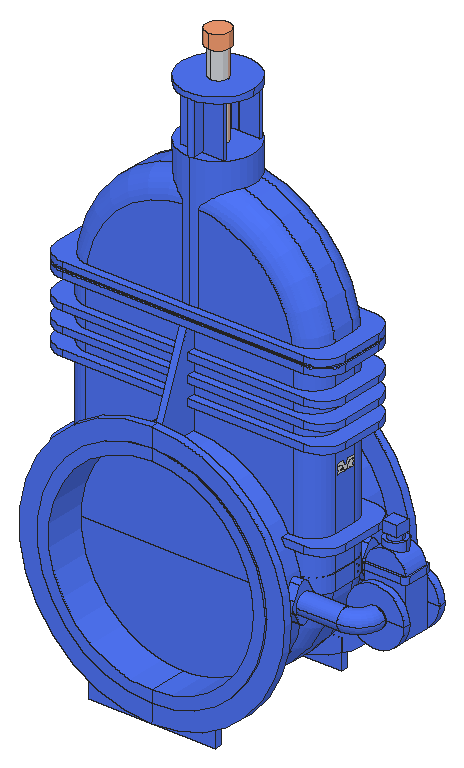
Revit family "1", category Pipe Accessories, Revit 2022
Family settings
  Round Connector Dimension = Use Diameter
  Part Type = Valve - Breaks Into
  Work Plane-Based = No
  Always vertical = No
  Cut with Voids When Loaded = No
  Shared = No
Parameters (values of type "54-1000-33-0104100")
  wedge_dim1 = Body_W * 1.1  # 375.76 mm
  sweep_start = Raised_dia / 2  # 556.00 mm
  sweep = size_lookup(Search_table, "sweep", 0.00 mm, DN)  # 5.00 mm
  stem_dim1 = Actuator_FLR * 0.65  # 113.75 mm
  stem_dim = F2 / 3  # 68.667 mm
  bottom_rib = OD * 0.5  # 615.00 mm
  W_half = W - W1  # 702.00 mm
  W1 = size_lookup(Search_table, "W1", 0.00 mm, DN)  # 1005.00 mm
  W-W1 = W - W1  # 702.00 mm
  W = size_lookup(Search_table, "W", 0.00 mm, DN)  # 1707.00 mm
  Stem_dim = Actuator_FLR * 0.5  # 87.50 mm
  Stem_H3 = Stem_H1 * 1.35  # 202.50 mm
  Stem_H2 = Stem_H1 * 0.85  # 127.50 mm
  Stem_H1 = Bypass_DN * 1.5  # 150.00 mm
  Stem_D2 = Stem_D1 * 1.5  # 52.50 mm
  Stem_D1 = F / 2  # 35.00 mm
  Rib_W = (Bonnet_FL_W * 0.9) / 2  # 192.15 mm
  Rib_L = (Bonnet_FL_L * 0.9) / 2  # 586.80 mm
  Rib_H4 = size_lookup(Search_table, "Rib_H4", 0.00 mm, DN)  # 880.00 mm
  Rib_H3 = size_lookup(Search_table, "Rib_H3", 0.00 mm, DN)  # 780.00 mm
  Rib_H2 = size_lookup(Search_table, "Rib_H2", 0.00 mm, DN)  # 680.00 mm
  Rib_H1 = size_lookup(Search_table, "Rib_H1", 0.00 mm, DN)  # 235.00 mm
  Rib_H = Body_H * 0.8  # 802.80 mm
  Rib_Actual = W / 2  # 853.50 mm
  Raised_dis = size_lookup(Search_table, "Raised_dis", 0.00 mm, DN)  # 5.00 mm
  Raised_dia = size_lookup(Search_table, "Raised_dia", 0.00 mm, DN)  # 1112.00 mm
  PN = size_lookup(Search_table, "PN", 0.00 mm, DN)  # 10.00 mm
  OD1 = H2 * 2  # 1296.00 mm
  OD = size_lookup(Search_table, "OD", 0.00 mm, DN)  # 1230.00 mm
  L = size_lookup(Search_table, "L", 0.00 mm, DN)  # 813.00 mm
  H2 = size_lookup(Search_table, "H2", 0.00 mm, DN)  # 648.00 mm
  H1 = size_lookup(Search_table, "H1", 0.00 mm, DN)  # 2007.00 mm
  H = 782.00 mm
  Fillet = Body_W / 3  # 113.867 mm
  FL_T = size_lookup(Search_table, "FL_T", 0.00 mm, DN)  # 40.00 mm
  F2 = size_lookup(Search_table, "F2", 0.00 mm, DN)  # 206.00 mm
  F1 = F * 0.45  # 31.50 mm
  F = Actuator_FLR * 0.4  # 70.00 mm
  Bypass_D7 = (Raised_dia / 2) * 1.05  # 583.80 mm
  Bonnet_dim22 = 0.00 mm
  54-1000-34-1103100 = "DN1000_ PN16_ CTO"
  54-1000-34-1102100 = "DN1000_ PN16_ CTO"
  54-1000-34-0102100 = "DN1000_ PN10_ CTO"
  54-1000-33-1104100 = "DN1000_ PN16_ CTC"
  54-1000-33-1103100 = "DN1000_ PN16_ CTC"
  54-1000-33-1102100 = "DN1000_ PN16_ CTC"
  54-1000-33-0104100 = "DN1000_ PN10_ CTC"
  54-1000-33-0103100 = "DN1000_ PN10_ CTC"
  54-1000-33-0102100 = "DN1000_ PN10_ CTC"
  54-0900-34-1103100 = "DN900_ PN16_ CTO"
  54-0900-34-1102100 = "DN900_ PN16_ CTO"
  54-0900-34-1101100 = "DN900_ PN16_ CTO"
  54-0900-34-0104100 = "DN900_ PN10_ CTO"
  54-0900-34-0102100 = "DN900_ PN10_ CTO"
  54-0900-33-1104100 = "DN900_ PN16_ CTC"
  54-0900-33-1103100 = "DN900_ PN16_ CTC"
  54-0900-33-1102100 = "DN900_ PN16_ CTC"
  DN = 1000.11 mm
  Description_ = "AVK GATE VALVE, FLANGED, METAL SEATED, PN10/16"
  Default Elevation = 0.00 mm
  Search_table = "54-3334-001 DN700-1000"
  URL product pages = "https://www.avkvalves.com/P.aspx?no=540700340102100"
  Cut_dis = Bonnet_FL_T / 2  # 38.00 mm
  Bypass_sweep = (Raised_dia / 2) * 1.05  # 583.80 mm
  Bypass_Vale_T = Body_W * 0.18  # 61.488 mm
  Bypass_Vale_D6 = Bypass_FL_OD * 1.2  # 168.00 mm
  Bypass_Vale_D5 = Bypass_Vale_D4 * 1.4  # 107.604 mm
  Bypass_Vale_D4 = Bypass_Vale_T * 1.25  # 76.86 mm
  Bypass_Vale_D3 = Bypass_FL_OD * 0.8  # 112.00 mm
  Bypass_Vale_D2 = Bypass_FL_OD * 0.7  # 98.00 mm
  Bypass_Vale_D1 = Bypass_FL_OD * 0.8  # 112.00 mm
  Bypass_R1 = Bypass_R * 2  # 52.00 mm
  Bypass_R = size_lookup(Search_table, "Bypass_R", 0.00 mm, DN)  # 26.00 mm
  Bypass_W = size_lookup(Search_table, "Bypass_W", 0.00 mm, DN)  # 65.00 mm
  Bypass_Location = size_lookup(Search_table, "Bypass_Location", 0.00 mm, DN)  # 208.00 mm
  Bypass_L = size_lookup(Search_table, "Bypass_L", 0.00 mm, DN)  # 70.00 mm
  Bypass_FL_OD = Bypass_DN * 1.4  # 140.00 mm
  Bypass_DN = size_lookup(Search_table, "Bypass_DN", 0.00 mm, DN)  # 100.00 mm
  Bore = DN / 2  # 500.055 mm
  Bonnet_fillet = Fillet / 3  # 37.956 mm
  Bonnet_dim3 = H1 * 0.86  # 1726.02 mm
  Bonnet_dim2 = Body_W * 0.35  # 119.56 mm
  Bonnet_dim1 = Body_L * 0.2  # 247.76 mm
  Bonnet_FL_W = size_lookup(Search_table, "Bonnet_FL_W", 0.00 mm, DN)  # 427.00 mm
  Bonnet_FL_T = FL_T * 1.9  # 76.00 mm
  Bonnet_FL_L = size_lookup(Search_table, "Bonnet_FL_L", 0.00 mm, DN)  # 1304.00 mm
  Body_rib_T = FL_T * 0.4  # 16.00 mm
  Body_T = size_lookup(Search_table, "Body_T", 0.00 mm, DN) / 2  # 442.50 mm
  Body_W = Bonnet_FL_W * 0.8  # 341.60 mm
  Body_L = Bonnet_FL_L * 0.95  # 1238.80 mm
  Body_H = H1 / 2  # 1003.50 mm
  BP_centre = Bypass_R / 2  # 13.00 mm
  Actuator_dim3 = Actuator_dim1 * 1.1  # 115.50 mm
  Actuator_dim2 = Actuator_dim1 * 0.6  # 63.00 mm
  Actuator_dim1 = Actuator_FLR * 0.6  # 105.00 mm
  Actuator_FLR = size_lookup(Search_table, "Actuator_FLR", 0.00 mm, DN) / 2  # 175.00 mm
  ADN = size_lookup(Search_table, "ADN", 0.00 mm, DN)  # 1000.00 mm
  ACtuator_T = Body_rib_T * 1.8  # 28.80 mm
  54-0900-33-1101100 = "DN900_ PN16_ CTC"
  54-0900-33-0102100 = "DN900_ PN10_ CTC"
  54-0800-34-1102100 = "DN800_ PN16_ CTO"
  54-0800-34-1101100 = "DN800_ PN16_ CTO"
  54-0800-34-0102100 = "DN800_ PN10_ CTO"
  54-0800-34-0101100 = "DN800_ PN10_ CTO"
  54-0800-33-1104100 = "DN800_ PN16_ CTC"
  54-0800-33-1103100 = "DN800_ PN16_ CTC"
  54-0800-33-1102100 = "DN800_ PN16_ CTC"
  54-0800-33-1101100 = "DN800_ PN16_ CTC"
  54-0800-33-0103100 = "DN800_ PN10_ CTC"
  54-0800-33-0102100 = "DN800_ PN10_ CTC"
  54-0800-33-0101100 = "DN800_ PN10_ CTC"
  54-0700-34-1103100 = "DN700_ PN16_ CTO"
  54-0700-34-1102100 = "DN700_ PN16_ CTO"
  54-0700-34-1101100 = "DN700_ PN16_ CTO"
  54-0700-34-0102100 = "DN700_ PN10_ CTO"
  54-0700-34-0101100 = "DN700_ PN10_ CTO"
  54-0700-33-1103100 = "DN700_ PN16_ CTC"
  54-0700-33-1102100 = "DN700_ PN16_ CTC"
  54-0700-33-1101100 = "DN700_ PN16_ CTC"
  54-0700-33-0102100 = "DN700_ PN10_ CTC"
  54-0700-33-0101100 = "DN700_ PN10_ CTC"
  50 = 80.00 mm  # constant formula
  5 = 5.00 mm  # constant formula
  20 = 25.00 mm  # constant formula
  10 = 10.00 mm  # constant formula
  1 = 1.00 mm  # constant formula
Reference planes
  plane 1 "Center (Front/Back)": y = 0
  plane 2: z = 0
  plane 3 "Center (Left/Right)": x = 0
  plane 4: z = 500.055
  plane 5: y = 190.5
  plane 6: y = -190.5
  plane 7: x = -702
  plane 8: y = 406.5
  plane 9: y = -406.5
  plane 10: y = 366.5
  plane 11: y = -366.5
  plane 12: z = 615
  plane 13: z = -615
  plane 14: z = 648
  plane 15: z = -648
  plane 16: z = 556
  plane 17: z = -556
  plane 18: y = 170.8
  plane 19: y = -170.8
  plane 20: x = -619.4
  plane 21: x = 619.4
  plane 22: z = 1003.5
  plane 23: y = 213.5
  plane 24: y = -213.5
  plane 25: x = -702
  plane 26: x = 702
  plane 27: z = 1079.5
  plane 28: z = 2007
  plane 29: y = 213.5
  plane 30: y = -213.5
  plane 31: z = 1726.02
  plane 32: z = 235
  plane 33: z = 277.5
  plane 34: y = -213.5
  plane 35: y = 213.5
  plane 36: z = 2213
  plane 37: x = 583.8
  plane 38: x = 567.8
  plane 39: y = 187.88
  plane 40: y = -187.88
  plane 41: x = -307.5
  plane 42: x = 307.5
  plane 43: z = -500.055
  plane 44: y = -401.5
  plane 45: y = 401.5
  plane 46: x = -307.5
  plane 47: x = 307.5
  plane 48: z = -500.055
  plane 49: x = -35
  plane 50: x = 35
  plane 51: x = -15.75
  plane 52: x = 15.75
  plane 53: x = -175
  plane 54: x = 175
  plane 55: x = 500.055
  plane 56: z = 680
  plane 57: z = 780
  plane 58: z = 880
  plane 59: z = 2144.333
  plane 60: y = -208
  plane 61: y = 208
  plane 62: x = -652
  plane 63: x = 652
  plane 64: x = 583.8
  plane 65: x = 1005
  plane 66: x = 208
  plane 67: y = 208
  plane 68: y = -208
  plane 69: x = 865
  plane 70: z = 168
  plane 71: x = 865
  plane 72: x = 865
  plane 73: y = 107.604
  plane 74: x = 865
  plane 75: z = 268
  plane 76: z = 370.5
  plane 77: z = -648
  plane 78: z = 50
  plane 79: z = -50
  plane 80: z = 318
  plane 81 "1": z = 80
  plane 82: x = 619.4
  plane 83: x = -619.4
  plane 84: y = 170.8
  plane 85: y = -170.8
Forms (mm)
  Revolve 1, solid, material "Plastic"
    sketch origin (0, 0, 0) x (0, 1, 0) y (0, 0, 1)
      loop
        line (406.5, 500.055) -> (406.5, 556) -> (401.5, 556) -> (401.5, 648) -> (366.5, 648) -> (366.5, 540.055) -> (-366.5, 540.055) -> (-366.5, 648) -> (-401.5, 648) -> (-401.5, 556) -> (-406.5, 556) -> (-406.5, 500.055) -> (406.5, 500.055)
      axis (406.5, 0) -> (-406.5, 0)
    angle from 0 to 360
  Extrusion 2, solid, material "Plastic"
    sketch origin (0, 0, 0) x (1, 0, 0) y (0, 1, 0)
      loop
        arc (-505.533, 170.8) -> (-586.049, 137.449) -> (-619.4, 56.933) r 113.867
        line (-619.4, 56.933) -> (-619.4, -56.933)
        arc (-619.4, -56.933) -> (-586.049, -137.449) -> (-505.533, -170.8) r 113.867
        line (-505.533, -170.8) -> (505.533, -170.8)
        arc (505.533, -170.8) -> (586.049, -137.449) -> (619.4, -56.933) r 113.867
        line (619.4, -56.933) -> (619.4, 56.933)
        arc (619.4, 56.933) -> (586.049, 137.449) -> (505.533, 170.8) r 113.867
        line (505.533, 170.8) -> (-505.533, 170.8)
    from 0 to 1003.5
  Extrusion 3, solid, material "Plastic"
    sketch origin (0, 417.889, 1003.5) x (0, 1, 0) y (-1, 0, 0)
      loop
        arc (-204.389, 588.133) -> (-237.74, 668.649) -> (-318.256, 702) r 113.867
        line (-318.256, 702) -> (-517.522, 702)
        arc (-517.522, 702) -> (-598.038, 668.649) -> (-631.389, 588.133) r 113.867
        line (-631.389, 588.133) -> (-631.389, -588.133)
        arc (-631.389, -588.133) -> (-598.038, -668.649) -> (-517.522, -702) r 113.867
        line (-517.522, -702) -> (-318.256, -702)
        arc (-318.256, -702) -> (-237.74, -668.649) -> (-204.389, -588.133) r 113.867
        line (-204.389, -588.133) -> (-204.389, 588.133)
    from 0 to 76
  Revolve 4, solid, material "Plastic"
    sketch origin (0, 417.889, 1003.5) x (0, 1, 0) y (-1, 0, 0)
      loop
        arc (-360.956, -619.4) -> (-280.44, -586.049) -> (-247.089, -505.533) r 113.867
        line (-247.089, -505.533) -> (-247.089, 0) -> (-588.689, 0) -> (-588.689, -505.533)
        arc (-588.689, -505.533) -> (-555.338, -586.049) -> (-474.822, -619.4) r 113.867
        line (-474.822, -619.4) -> (-360.956, -619.4)
      axis (-247.089, 0) -> (-588.689, 0)
    angle from 360 to 180
  Sweep 5, void
    path in 3D
      loop
        arc (-588.133, 213.5, 1079.5) -> (-668.649, 180.149, 1079.5) -> (-702, 99.633, 1079.5) r 113.867
        line (-702, 99.633, 1079.5) -> (-702, -99.633, 1079.5)
        arc (-702, -99.633, 1079.5) -> (-668.649, -180.149, 1079.5) -> (-588.133, -213.5, 1079.5) r 113.867
        line (-588.133, -213.5, 1079.5) -> (588.133, -213.5, 1079.5)
        arc (588.133, -213.5, 1079.5) -> (668.649, -180.149, 1079.5) -> (702, -99.633, 1079.5) r 113.867
        line (702, -99.633, 1079.5) -> (702, 99.633, 1079.5)
        arc (702, 99.633, 1079.5) -> (668.649, 180.149, 1079.5) -> (588.133, 213.5, 1079.5) r 113.867
        line (588.133, 213.5, 1079.5) -> (-588.133, 213.5, 1079.5)
    profile origin (0, 213.5, 1079.5) x (0, -1, 0) y (0, 0, 1)
      loop
        circle (0, -38) r 5
  Extrusion 6, solid, material "Plastic"
    sketch origin (0, 417.889, 1003.5) x (0, 1, 0) y (-1, 0, 0)
      loop
        circle (-417.889, 0) r 175
    from 722.52 to 0
  Extrusion 7, solid, material "Plastic"
    sketch origin (-848.252, -1524, 235) x (-1, 0, 0) y (0, -1, 0)
      loop
        arc (-260.119, -1737.5) -> (-179.603, -1704.149) -> (-146.252, -1623.633) r 113.867
        line (-146.252, -1623.633) -> (-146.252, -1424.367)
        arc (-146.252, -1424.367) -> (-179.603, -1343.851) -> (-260.119, -1310.5) r 113.867
        line (-260.119, -1310.5) -> (-1436.385, -1310.5)
        arc (-1436.385, -1310.5) -> (-1516.901, -1343.851) -> (-1550.252, -1424.367) r 113.867
        line (-1550.252, -1424.367) -> (-1550.252, -1623.633)
        arc (-1550.252, -1623.633) -> (-1516.901, -1704.149) -> (-1436.385, -1737.5) r 113.867
        line (-1436.385, -1737.5) -> (-260.119, -1737.5)
    from -16 to 16
  Extrusion 8, solid, material "Plastic"
    sketch origin (0, 0, 0) x (0, 1, 0) y (0, 0, 1)
      loop
        line (213.5, 1003.5) -> (170.8, 1003.5) -> (170.8, 500.055) -> (366.5, 500.055) -> (366.5, 615) -> (213.5, 1003.5)
      loop
        line (-213.5, 1003.5) -> (-366.5, 615) -> (-366.5, 500.055) -> (-170.8, 500.055) -> (-170.8, 1003.5) -> (-213.5, 1003.5)
    from -16 to 16
  Extrusion 9, solid, material "Plastic"
    sketch origin (-736.328, -1524, 2007) x (-1, 0, 0) y (0, -1, 0)
      loop
        circle (-736.328, -1524) r 175
    from 0 to -28.8
  Extrusion 10, solid, material "Plastic"
    sketch origin (-736.328, -1524, 2007) x (-1, 0, 0) y (0, -1, 0)
      loop
        line (-720.328, -1629) -> (-752.328, -1629) -> (-752.328, -1683)
        arc (-752.328, -1683) -> (-736.328, -1699) -> (-720.328, -1683) r 16
        line (-720.328, -1683) -> (-720.328, -1629)
      loop
        line (-720.328, -1419) -> (-720.328, -1365)
        arc (-720.328, -1365) -> (-736.328, -1349) -> (-752.328, -1365) r 16
        line (-752.328, -1365) -> (-752.328, -1419) -> (-720.328, -1419)
    from -28.8 to -280.98
  Revolve 11, solid, material "Plastic"
    sketch origin (0, 0, 0) x (1, 0, 0) y (0, 1, 0)
      loop
        line (0, 214.5) -> (0, -214.5) -> (500.055, -214.5) -> (500.055, 214.5) -> (0, 214.5)
      axis (0, 214.5) -> (0, -214.5)
    angle from 0 to 360
  Extrusion 12, solid, material "Plastic"
    sketch origin (0, 0, 0) x (1, 0, 0) y (0, 0, 1)
      loop
        line (-307.5, -501.055) -> (-307.5, -648) -> (307.5, -648) -> (307.5, -501.055) -> (-307.5, -501.055)
    from 366.5 to 400.5
  Extrusion 13, solid, material "Plastic"
    sketch origin (0, 0, 0) x (1, 0, 0) y (0, 0, 1)
      loop
        line (-307.5, -648) -> (307.5, -648) -> (307.5, -501.055) -> (-307.5, -501.055) -> (-307.5, -648)
    from -400.5 to -366.5
  Extrusion 14, solid, material "Plastic"
    sketch origin (4267.2, -575.671, 680) x (0, -1, 0) y (1, 0, 0)
      loop
        arc (-789.171, -4855.333) -> (-755.82, -4935.849) -> (-675.304, -4969.2) r 113.867
        line (-675.304, -4969.2) -> (-476.038, -4969.2)
        arc (-476.038, -4969.2) -> (-395.522, -4935.849) -> (-362.171, -4855.333) r 113.867
        line (-362.171, -4855.333) -> (-362.171, -3679.067)
        arc (-362.171, -3679.067) -> (-395.522, -3598.551) -> (-476.038, -3565.2) r 113.867
        line (-476.038, -3565.2) -> (-675.304, -3565.2)
        arc (-675.304, -3565.2) -> (-755.82, -3598.551) -> (-789.171, -3679.067) r 113.867
        line (-789.171, -3679.067) -> (-789.171, -4855.333)
    from -16 to 16
  Extrusion 15, solid, material "Plastic"
    sketch origin (4267.2, -524.875, 780) x (0, -1, 0) y (1, 0, 0)
      loop
        line (-624.509, -4969.2) -> (-425.242, -4969.2)
        arc (-425.242, -4969.2) -> (-344.726, -4935.849) -> (-311.375, -4855.333) r 113.867
        line (-311.375, -4855.333) -> (-311.375, -3679.067)
        arc (-311.375, -3679.067) -> (-344.726, -3598.551) -> (-425.242, -3565.2) r 113.867
        line (-425.242, -3565.2) -> (-624.509, -3565.2)
        arc (-624.509, -3565.2) -> (-705.025, -3598.551) -> (-738.375, -3679.067) r 113.867
        line (-738.375, -3679.067) -> (-738.375, -4855.333)
        arc (-738.375, -4855.333) -> (-705.025, -4935.849) -> (-624.509, -4969.2) r 113.867
    from -16 to 16
  Extrusion 16, solid, material "Plastic"
    sketch origin (4267.2, -664.232, 880) x (0, -1, 0) y (1, 0, 0)
      loop
        arc (-877.732, -4855.333) -> (-844.381, -4935.849) -> (-763.865, -4969.2) r 113.867
        line (-763.865, -4969.2) -> (-564.599, -4969.2)
        arc (-564.599, -4969.2) -> (-484.083, -4935.849) -> (-450.732, -4855.333) r 113.867
        line (-450.732, -4855.333) -> (-450.732, -3679.067)
        arc (-450.732, -3679.067) -> (-484.083, -3598.551) -> (-564.599, -3565.2) r 113.867
        line (-564.599, -3565.2) -> (-763.865, -3565.2)
        arc (-763.865, -3565.2) -> (-844.381, -3598.551) -> (-877.732, -3679.067) r 113.867
        line (-877.732, -3679.067) -> (-877.732, -4855.333)
    from -16 to 16
  Extrusion 17, solid, material "Plastic"
    sketch origin (4267.2, -664.232, 880) x (0, -1, 0) y (1, 0, 0)
      loop
        line (-769.232, -4314.45) -> (-769.232, -4146.45) -> (-779.732, -4146.45) -> (-779.732, -4356.45) -> (-548.732, -4356.45) -> (-548.732, -4146.45) -> (-559.232, -4146.45) -> (-559.232, -4314.45) -> (-769.232, -4314.45)
    from 846.02 to 1098.2
  Extrusion 18, solid, material "Default"
    sketch origin (4267.2, -664.232, 880) x (0, -1, 0) y (1, 0, 0)
      loop
        circle (-664.232, -4267.2) r 56.875
    from 1264.333 to 1333
  Extrusion 19, solid
    sketch origin (4267.2, -664.232, 880) x (0, -1, 0) y (1, 0, 0)
      loop
        circle (-664.232, -4267.2) r 43.75
    from 1264.333 to 846.02
  Extrusion 20, solid, material "Plastic"
    sketch origin (0, 0, -20.104) x (0, 1, 0) y (0, 0, 1)
      loop
        line (-230.064, 103.859) -> (-265.127, 47.614)
        arc (-265.127, 47.614) -> (-273, 20.104) -> (-265.127, -7.405) r 52
        line (-265.127, -7.405) -> (-230.064, -63.651)
        arc (-230.064, -63.651) -> (-208, -75.896) -> (-185.936, -63.651) r 26
        line (-185.936, -63.651) -> (-150.873, -7.405)
        arc (-150.873, -7.405) -> (-143, 20.104) -> (-150.873, 47.614) r 52
        line (-150.873, 47.614) -> (-185.936, 103.859)
        arc (-185.936, 103.859) -> (-208, 116.104) -> (-230.064, 103.859) r 26
      loop
        arc (230.064, 103.859) -> (208, 116.104) -> (185.936, 103.859) r 26
        line (185.936, 103.859) -> (150.873, 47.614)
        arc (150.873, 47.614) -> (143, 20.104) -> (150.873, -7.405) r 52
        line (150.873, -7.405) -> (185.936, -63.651)
        arc (185.936, -63.651) -> (208, -75.896) -> (230.064, -63.651) r 26
        line (230.064, -63.651) -> (265.127, -7.405)
        arc (265.127, -7.405) -> (273, 20.104) -> (265.127, 47.614) r 52
        line (265.127, 47.614) -> (230.064, 103.859)
    from 583.8 to 500.055
  Sweep 21, solid, material "Plastic"
    path origin (0, 0, 0) x (1, 0, 0) y (0, 1, 0)
      loop
        line (556, 208) -> (785, 208)
        arc (785, 208) -> (841.569, 184.569) -> (865, 128) r 80
        line (865, 128) -> (865, -128)
        arc (865, -128) -> (841.569, -184.569) -> (785, -208) r 80
        line (785, -208) -> (556, -208)
    profile origin (670.5, 208, 0) x (0, 1, 0) y (0, 0, 1)
      loop
        circle (0, 0) r 50
  Extrusion 22, solid, material "Plastic"
    sketch origin (0, 0, 0) x (1, 0, 0) y (0, 0, 1)
      loop
        arc (965, 168) -> (865, 268) -> (765, 168) r 100
        line (765, 168) -> (765, -98)
        arc (765, -98) -> (865, -112) -> (965, -98) r 364.143
        line (965, -98) -> (965, 168)
    from -61.488 to 61.488
  Extrusion 23, solid, material "Plastic"
    sketch origin (1408.055, -1524, 168) x (0, -1, 0) y (-1, 0, 0)
      loop
        line (-1600.86, 630.055) -> (-1600.86, 456.055)
        arc (-1600.86, 456.055) -> (-1593.538, 438.378) -> (-1575.86, 431.055) r 25
        line (-1575.86, 431.055) -> (-1472.14, 431.055)
        arc (-1472.14, 431.055) -> (-1454.462, 438.378) -> (-1447.14, 456.055) r 25
        line (-1447.14, 456.055) -> (-1447.14, 630.055)
        arc (-1447.14, 630.055) -> (-1454.462, 647.733) -> (-1472.14, 655.055) r 25
        line (-1472.14, 655.055) -> (-1575.86, 655.055)
        arc (-1575.86, 655.055) -> (-1593.538, 647.733) -> (-1600.86, 630.055) r 25
    from -16 to 16
  Revolve 24, solid, material "Plastic"
    sketch origin (0, 0, 0) x (1, 0, 0) y (0, 1, 0)
      loop
        line (865, 123.604) -> (865, 91.604) -> (1005, 91.604) -> (1005, 123.604) -> (865, 123.604)
      loop
        line (865, -91.604) -> (865, -123.604) -> (1005, -123.604) -> (1005, -91.604) -> (865, -91.604)
      axis (865, 123.604) -> (865, -123.604)
    angle from 0 to 360
  Revolve 25, solid, material "Plastic"
    sketch origin (0, 0, 0) x (1, 0, 0) y (0, 0, 1)
      loop
        line (865, 318) -> (865, 168) -> (917.5, 168) -> (917.5, 295.5) -> (900, 295.5) -> (900, 318) -> (865, 318)
      axis (865, 318) -> (865, 168)
    angle from 0 to 360
  Extrusion 26, solid, material "Plastic"
    sketch origin (0, 1010.756, 500.055) x (0, 1, 0) y (-1, 0, 0)
      loop
        line (-975.756, -830) -> (-1045.756, -830) -> (-1045.756, -900) -> (-975.756, -900) -> (-975.756, -830)
    from -182.055 to -129.555
  Revolve 27, solid, material "Plastic"
    sketch origin (0, 1632.544, 80) x (0, 1, 0) y (-1, 0, 0)
      loop
        arc (-1461.744, 505.533) -> (-1495.095, 586.049) -> (-1575.61, 619.4) r 113.867
        line (-1575.61, 619.4) -> (-1689.477, 619.4)
        arc (-1689.477, 619.4) -> (-1769.993, 586.049) -> (-1803.344, 505.533) r 113.867
        line (-1803.344, 505.533) -> (-1803.344, 0) -> (-1461.744, 0) -> (-1461.744, 505.533)
      axis (-1461.744, 0) -> (-1803.344, 0)
    angle from 0 to 180
Cuts and joins
  Sweep 5 cuts Extrusion 3
Lines and regions (mm)
  sketch lines
    curve 1: line (588.133, 213.5, 1079.5) -> (-588.133, 213.5, 1079.5)
    curve 2: arc (-702, 99.633, 1079.5) -> (-668.649, 180.149, 1079.5) -> (-588.133, 213.5, 1079.5) r 113.867
    curve 3: line (-702, 99.633, 1079.5) -> (-702, -99.633, 1079.5)
    curve 4: arc (-588.133, -213.5, 1079.5) -> (-668.649, -180.149, 1079.5) -> (-702, -99.633, 1079.5) r 113.867
    curve 5: line (-588.133, -213.5, 1079.5) -> (588.133, -213.5, 1079.5)
    curve 6: arc (702, -99.633, 1079.5) -> (668.649, -180.149, 1079.5) -> (588.133, -213.5, 1079.5) r 113.867
    curve 7: line (702, -99.633, 1079.5) -> (702, 99.633, 1079.5)
    curve 8: arc (588.133, 213.5, 1079.5) -> (668.649, 180.149, 1079.5) -> (702, 99.633, 1079.5) r 113.867
Dimensions and locks
  "Bore": plane 4 to level
  equal spacing: plane 5, plane 1 "Center (Front/Back)", plane 6
  plane 3 "Center (Left/Right)" to plane 7 = 702.00 mm
  "Bore": Revolve 1 sketch curve to level
  equal spacing: Revolve 1, plane 1 "Center (Front/Back)", Revolve 1
  equal spacing: Revolve 1 sketch curve, plane 1 "Center (Front/Back)", Revolve 1 sketch curve  (x3)
  equal spacing: plane 8, plane 1 "Center (Front/Back)", plane 9
  "L": plane 8 to plane 9
  equal spacing: plane 10, plane 1 "Center (Front/Back)", plane 11
  "FL_T": plane 8 to plane 10
  equal spacing: plane 13, level, plane 12
  "OD": plane 12 to plane 13
  "Raised_dis": plane 8 to Revolve 1
  equal spacing: plane 16, level, plane 17
  equal spacing: plane 14, level, plane 15
  "OD1": plane 14 to plane 15
  "Raised_dia": plane 16 to plane 17
  "FL_T": Revolve 1 sketch curve to plane 4
  equal spacing: plane 19, plane 1 "Center (Front/Back)", plane 18
  "Body_W": plane 18 to plane 19
  equal spacing: plane 20, plane 3 "Center (Left/Right)", plane 21
  "Body_L": plane 20 to plane 21
  equal spacing: Extrusion 2 sketch curve, plane 3 "Center (Left/Right)", Extrusion 2 sketch curve
  equal spacing: Extrusion 2 sketch curve, plane 1 "Center (Front/Back)", Extrusion 2 sketch curve
  "Body_H": Extrusion 2 to level
  "Body_H": plane 22 to level
  equal spacing: Extrusion 3 sketch curve, plane 1 "Center (Front/Back)", Extrusion 3 sketch curve
  equal spacing: Extrusion 3 sketch curve, plane 3 "Center (Left/Right)", Extrusion 3 sketch curve
  equal spacing: plane 24, plane 1 "Center (Front/Back)", plane 23
  "Bonnet_FL_W": plane 23 to plane 24
  equal spacing: plane 25, plane 3 "Center (Left/Right)", plane 26
  "Bonnet_FL_T": plane 27 to plane 22
  "H1": plane 28 to level
  equal spacing: plane 29, plane 1 "Center (Front/Back)", plane 30
  "Bonnet_FL_W": plane 29 to plane 30
  equal spacing: plane 27, Sweep 5 sketch curve, plane 22
  "sweep": plane 29 to Sweep 5 sketch curve
  "Bonnet_dim3": plane 31 to level
  "Rib_H1": plane 32 to level
  equal spacing: Extrusion 7, plane 32, Extrusion 7
  "Body_rib_T": plane 32 to Extrusion 7
  "OD": plane 13 to Extrusion 8 sketch curve  (x2)
  equal spacing: plane 35, plane 1 "Center (Front/Back)", plane 34
  "Bonnet_FL_W": plane 35 to plane 34
  "Bonnet_FL_W": Extrusion 8 sketch curve to plane 34
  "Bonnet_FL_W": plane 35 to Extrusion 8 sketch curve
  equal spacing: Extrusion 8, plane 3 "Center (Left/Right)", Extrusion 8
  "Body_rib_T": plane 3 "Center (Left/Right)" to Extrusion 8
  "F2": plane 36 to plane 28
  equal spacing: Extrusion 9 sketch curve, plane 3 "Center (Left/Right)", Extrusion 9 sketch curve
  equal spacing: Extrusion 9 sketch curve, plane 1 "Center (Front/Back)", Extrusion 9 sketch curve
  "ACtuator_T": plane 28 to Extrusion 9
  "Body_rib_T": Extrusion 10 sketch curve to plane 3 "Center (Left/Right)"
  equal spacing: Extrusion 10 sketch curve, plane 3 "Center (Left/Right)", Extrusion 10 sketch curve
  "Actuator_FLR": plane 1 "Center (Front/Back)" to Extrusion 10 sketch curve
  equal spacing: Extrusion 10 sketch curve, plane 1 "Center (Front/Back)", Extrusion 10 sketch curve  (x2)
  "ACtuator_T": plane 28 to Extrusion 10
  "Body_rib_T": plane 37 to plane 38
  "Bypass_sweep": plane 37 to plane 3 "Center (Left/Right)"
  "W_half": plane 3 "Center (Left/Right)" to plane 7
  equal spacing: plane 40, plane 1 "Center (Front/Back)", plane 39
  "wedge_dim1": plane 39 to plane 40
  Revolve 11 sketch curve to plane 1 "Center (Front/Back)" to Revolve 11 sketch curve = 214.50 mm, 214.50 mm
  "Bore": plane 3 "Center (Left/Right)" to Revolve 11 sketch curve
  equal spacing: Extrusion 12 sketch curve, plane 3 "Center (Left/Right)", Extrusion 12 sketch curve
  equal spacing: plane 42, plane 3 "Center (Left/Right)", plane 41
  "bottom_rib": plane 42 to plane 41
  "Bore": level to plane 43
  "Raised_dis": plane 9 to plane 44
  "1": plane 44 to Extrusion 12
  "Raised_dis": plane 45 to plane 8
  equal spacing: Extrusion 13 sketch curve, plane 3 "Center (Left/Right)", Extrusion 13 sketch curve
  equal spacing: plane 47, plane 3 "Center (Left/Right)", plane 46
  "bottom_rib": plane 47 to plane 46
  "Bore": level to plane 48
  "1": plane 48 to Extrusion 13 sketch curve
  "1": Extrusion 13 to plane 45
  "1": plane 43 to Extrusion 12 sketch curve
  plane 9 to plane 8 = 813.00 mm  (x2)
  plane 13 to level = 615.00 mm
  plane 28 to level = 2007.00 mm  (x3)
  equal spacing: plane 50, plane 3 "Center (Left/Right)", plane 49
  "F": plane 50 to plane 49
  equal spacing: plane 52, plane 3 "Center (Left/Right)", plane 51
  "F1": plane 52 to plane 51
  equal spacing: plane 54, plane 3 "Center (Left/Right)", plane 53
  "Actuator_FLR": plane 3 "Center (Left/Right)" to plane 53
  plane 54 to plane 53 = 350.00 mm
  "Bore": plane 55 to plane 3 "Center (Left/Right)"
  "Rib_H2": plane 56 to level
  equal spacing: Extrusion 14, plane 56, Extrusion 14  (x2)
  Extrusion 14 to plane 12 = 81.00 mm
  "Rib_H3": plane 57 to level
  "Rib_H4": plane 58 to level
  "Body_rib_T": Extrusion 14 to plane 56
  equal spacing: Extrusion 15, plane 57, Extrusion 15
  "Body_rib_T": Extrusion 15 to plane 57
  equal spacing: Extrusion 16, plane 58, Extrusion 16
  "Body_rib_T": Extrusion 16 to plane 58
  equal spacing: Extrusion 17 sketch curve, plane 52, Extrusion 17 sketch curve
  equal spacing: Extrusion 17 sketch curve, plane 1 "Center (Front/Back)", Extrusion 17 sketch curve  (x2)
  "Actuator_dim2": Extrusion 17 sketch curve to plane 52
  "Actuator_dim1": plane 1 "Center (Front/Back)" to Extrusion 17 sketch curve
  "Actuator_dim1": plane 52 to Extrusion 17 sketch curve
  "ACtuator_T": plane 28 to Extrusion 17
  "Actuator_dim1": plane 1 "Center (Front/Back)" to Extrusion 10 sketch curve
  equal spacing: Extrusion 6 sketch curve, plane 1 "Center (Front/Back)", Extrusion 6 sketch curve
  equal spacing: Extrusion 6 sketch curve, plane 3 "Center (Left/Right)", Extrusion 6 sketch curve
  equal spacing: Extrusion 18 sketch curve, plane 3 "Center (Left/Right)", Extrusion 18 sketch curve
  equal spacing: Extrusion 18 sketch curve, plane 1 "Center (Front/Back)", Extrusion 18 sketch curve
  equal spacing: Extrusion 19 sketch curve, plane 3 "Center (Left/Right)", Extrusion 19 sketch curve
  equal spacing: Extrusion 19 sketch curve, plane 1 "Center (Front/Back)", Extrusion 19 sketch curve
  "stem_dim": plane 36 to plane 59
  equal spacing: plane 60, plane 1 "Center (Front/Back)", plane 61
  "Bypass_Location": plane 60 to plane 1 "Center (Front/Back)"
  "Bypass_Location": Extrusion 20 sketch curve to plane 1 "Center (Front/Back)"
  "Bypass_L": Extrusion 20 sketch curve to level  (x4)
  "Bypass_W": Extrusion 20 sketch curve to plane 60
  "Bypass_W": plane 60 to Extrusion 20 sketch curve
  "Bypass_Location": plane 1 "Center (Front/Back)" to Extrusion 20 sketch curve
  "Bypass_W": Extrusion 20 sketch curve to plane 61
  "Bypass_W": plane 61 to Extrusion 20 sketch curve
  equal spacing: plane 62, plane 3 "Center (Left/Right)", plane 63
  "Bonnet_FL_L": plane 62 to plane 63
  "W-W1": plane 25 to plane 3 "Center (Left/Right)"
  "Bypass_sweep": plane 64 to plane 3 "Center (Left/Right)"
  "W1": plane 3 "Center (Left/Right)" to plane 65
  equal spacing: plane 68, plane 1 "Center (Front/Back)", plane 67
  "Bypass_Location": plane 1 "Center (Front/Back)" to plane 67
  "sweep_start": plane 3 "Center (Left/Right)" to Sweep 21 sketch curve  (x2)
  equal spacing: Sweep 21 sketch curve, profile plane, Sweep 21 sketch curve
  equal spacing: Sweep 21 sketch curve, level, Sweep 21 sketch curve
  "Actuator_dim3": Extrusion 17 sketch curve to plane 1 "Center (Front/Back)"
  "Bypass_FL_OD": Sweep 21 sketch curve to plane 65
  "Bypass_FL_OD": plane 65 to plane 69
  equal spacing: Extrusion 22 sketch curve, plane 69, Extrusion 22 sketch curve
  "Bypass_Vale_D1": level to Extrusion 22 sketch curve
  "Bypass_DN": Extrusion 22 sketch curve to plane 69
  "Bypass_Vale_D2": level to Extrusion 22 sketch curve
  equal spacing: Extrusion 22, plane 1 "Center (Front/Back)", Extrusion 22
  Extrusion 22 to plane 1 "Center (Front/Back)" = 61.488 mm
  "Bypass_Vale_T": Extrusion 22 to plane 1 "Center (Front/Back)"
  "Bypass_Vale_D6": plane 70 to level
  equal spacing: Extrusion 23 sketch curve, plane 1 "Center (Front/Back)", Extrusion 23 sketch curve
  "Bypass_FL_OD": plane 71 to plane 65
  equal spacing: Extrusion 23 sketch curve, plane 71, Extrusion 23 sketch curve
  "Bypass_Vale_D3": plane 71 to Extrusion 23 sketch curve
  "Bypass_Vale_D4": plane 1 "Center (Front/Back)" to Extrusion 23 sketch curve
  equal spacing: Extrusion 23, plane 70, Extrusion 23
  "Body_rib_T": plane 70 to Extrusion 23
  equal spacing: Revolve 24 sketch curve, plane 1 "Center (Front/Back)", Revolve 24 sketch curve  (x2)
  "Bypass_FL_OD": plane 72 to plane 65
  "Bypass_Vale_D5": plane 1 "Center (Front/Back)" to plane 73
  equal spacing: Revolve 24 sketch curve, plane 73, Revolve 24 sketch curve
  "Body_rib_T": Revolve 24 sketch curve to plane 73
  "Bypass_Vale_D6": Extrusion 22 sketch curve to level
  "Bypass_FL_OD": plane 65 to plane 74
  "Stem_D1": Revolve 25 sketch curve to plane 74
  "Stem_D2": Revolve 25 sketch curve to plane 74
  equal spacing: Extrusion 26 sketch curve, plane 1 "Center (Front/Back)", Extrusion 26 sketch curve
  equal spacing: Extrusion 26 sketch curve, plane 74, Extrusion 26 sketch curve
  "Stem_D1": plane 74 to Extrusion 26 sketch curve
  "Stem_D1": Extrusion 26 sketch curve to plane 1 "Center (Front/Back)"
  plane 65 to plane 7 = 1707.00 mm
  plane 65 to plane 3 "Center (Left/Right)" = 1005.00 mm
  "H2": level to plane 77
  level to plane 77 = 648.00 mm
  equal spacing: plane 78, level, plane 79
  "Bypass_DN": plane 78 to plane 79
  "Bypass_DN": plane 70 to plane 75
  "Stem_H2": plane 70 to Revolve 25
  "Stem_H1": plane 70 to plane 80
  "Stem_H3": plane 70 to plane 76
  "1": Revolve 11 to plane 35
  "1": plane 34 to Revolve 11
  "H2": level to Extrusion 12 sketch curve
  "H2": Extrusion 13 sketch curve to level
  plane 8 to plane 9 = 813.00 mm
  "50": plane 81 "1" to level
  equal spacing: plane 83, plane 3 "Center (Left/Right)", plane 82
  "Body_L": plane 83 to plane 82
  equal spacing: plane 84, plane 1 "Center (Front/Back)", plane 85
  "Body_W": plane 84 to plane 85
  "Fillet": radius of Extrusion 2 sketch curve  (x4)
  "Fillet": radius of Extrusion 3 sketch curve  (x4)
  "sweep": radius of Sweep 5 sketch curve
  "Actuator_FLR": radius of Extrusion 9 sketch curve
  "Actuator_FLR": radius of Extrusion 6 sketch curve
  "stem_dim1": diameter of Extrusion 18 sketch curve
  "Stem_dim": diameter of Extrusion 19 sketch curve
  "Bypass_R": radius of Extrusion 20 sketch curve  (x4)
  "Bypass_R1": radius of Extrusion 20 sketch curve  (x4)
  "50": radius of Sweep 21 sketch curve  (x2)
  "Bypass_DN": diameter of Sweep 21 sketch curve
  "20": radius of Extrusion 23 sketch curve  (x4)
  "Fillet": radius of Revolve 27 sketch curve  (x2)
  aligned and locked: level to plane 2
  aligned and locked: Revolve 1 sketch curve to Revolve 1 sketch curve  (x2)
  aligned and locked: Revolve 1 sketch curve to level
  aligned and locked: plane 8 to Revolve 1
  aligned and locked: Revolve 1 to plane 10
  aligned and locked: plane 14 to Revolve 1 sketch curve
  aligned and locked: plane 16 to Revolve 1 sketch curve
  aligned and locked: Extrusion 2 sketch curve to plane 18
  aligned and locked: plane 20 to Extrusion 2 sketch curve
  aligned and locked: Extrusion 2 to level
  aligned and locked: Extrusion 3 sketch curve to plane 23
  aligned and locked: plane 25 to Extrusion 3 sketch curve
  aligned and locked: plane 27 to Extrusion 3
  aligned and locked: Revolve 4 sketch curve to Extrusion 2  (x2)
  aligned and locked: Revolve 4 sketch curve to plane 3 "Center (Left/Right)"  (x2)
  aligned and locked: plane 22 to Revolve 4
  aligned and locked: Revolve 4 to plane 22
  aligned and locked: plane 31 to Extrusion 6
  aligned and locked: Extrusion 6 to plane 22
  aligned and locked: plane 4 to Extrusion 8 sketch curve
  aligned and locked: plane 18 to Extrusion 8 sketch curve
  aligned and locked: Extrusion 8 sketch curve to plane 22
  aligned and locked: plane 10 to Extrusion 8 sketch curve
  aligned and locked: Extrusion 8 sketch curve to plane 4
  aligned and locked: Extrusion 8 sketch curve to plane 11
  aligned and locked: plane 19 to Extrusion 8 sketch curve
  aligned and locked: plane 22 to Extrusion 8 sketch curve
  aligned and locked: Extrusion 9 to plane 28
  aligned and locked: Extrusion 10 to plane 31
  aligned and locked: plane 3 "Center (Left/Right)" to Revolve 11 sketch curve
  aligned and locked: Revolve 11 sketch curve to plane 3 "Center (Left/Right)"
  aligned and locked: nested 1 to plane 4
  aligned and locked: nested 1 to plane 1 "Center (Front/Back)"
  aligned and locked: Extrusion 12 to plane 11
  aligned and locked: plane 10 to Extrusion 13
  aligned and locked: Extrusion 14 sketch curve to cut or joined group of Extrusion 3, Sweep 5  (x4)
  aligned and locked: Extrusion 15 sketch curve to cut or joined group of Extrusion 3, Sweep 5  (x4)
  aligned and locked: Extrusion 16 sketch curve to cut or joined group of Extrusion 3, Sweep 5  (x4)
  aligned and locked: Extrusion 17 sketch curve to Extrusion 17 sketch curve
  aligned and locked: Extrusion 17 to plane 31
  aligned and locked: plane 36 to Extrusion 18
  aligned and locked: Extrusion 19 to plane 31
  aligned and locked: Extrusion 18 to plane 59
  aligned and locked: plane 59 to Extrusion 19
  aligned and locked: Extrusion 20 to plane 37
  aligned and locked: Extrusion 20 to plane 55
  aligned and locked: Extrusion 10 sketch curve to Extrusion 10 sketch curve  (x2)
  aligned and locked: Extrusion 7 sketch curve to cut or joined group of Extrusion 3, Sweep 5  (x4)
  aligned and locked: Sweep 21 sketch curve to plane 67
  aligned and locked: Sweep 21 sketch curve to plane 68
  aligned and locked: Revolve 24 sketch curve to Revolve 24 sketch curve  (x2)
  aligned and locked: Revolve 24 sketch curve to plane 65
  aligned and locked: plane 72 to Revolve 24 sketch curve
  aligned and locked: Revolve 24 sketch curve to plane 72
  aligned and locked: Revolve 25 sketch curve to plane 74  (x2)
  aligned and locked: plane 70 to Revolve 25 sketch curve
  aligned and locked: plane 76 to Extrusion 26
  aligned and locked: plane 80 to Revolve 25
  aligned and locked: Extrusion 26 to plane 80
  aligned and locked: Extrusion 12 to Extrusion 13
  aligned and locked: plane 83 to Revolve 27 sketch curve
  aligned and locked: Revolve 27 sketch curve to plane 84
  aligned and locked: plane 85 to Revolve 27 sketch curve
  aligned and locked: Revolve 27 sketch curve to plane 3 "Center (Left/Right)"  (x2)
  aligned and locked: plane 81 "1" to Revolve 27
  aligned and locked: Revolve 27 to plane 81 "1"
Automatic sketch dimensions
  Revolve 4 sketch curve to plane 11 = 0.00 mm
  Revolve 4 sketch curve to plane 5 = 93.932 mm
  Revolve 1 sketch curve to plane 9 = 0.00 mm
  Revolve 1 sketch curve to plane 44 = 0.00 mm
  Revolve 1 sketch curve to plane 11 = 0.00 mm
  Revolve 1 sketch curve to plane 44 = 1.981 mm
  Revolve 1 sketch curve to plane 5 = 1.519 mm
  plane 9 to Revolve 11 sketch curve = 103.322 mm
  Revolve 11 sketch curve to plane 8 = 234.678 mm
  Extrusion 12 sketch curve to plane 41 = 0.00 mm
  plane 46 to Extrusion 13 sketch curve = 0.00 mm
  Extrusion 20 sketch curve to plane 60 = 0.00 mm
  Extrusion 20 sketch curve to plane 61 = 0.00 mm
  Extrusion 20 sketch curve to level = 0.00 mm  (x4)
  Extrusion 22 sketch curve to plane 69 = 0.00 mm
  Revolve 24 sketch curve to Revolve 24 sketch curve = 6.345 mm
  Revolve 24 sketch curve to plane 1 "Center (Front/Back)" = 30.437 mm
  Revolve 25 sketch curve to plane 80 = 0.00 mm
  plane 33 to Revolve 25 sketch curve = 18.00 mm
  Revolve 25 sketch curve to plane 32 = 4.871 mm
  plane 76 to Revolve 25 sketch curve = 5.129 mm
  Revolve 27 sketch curve to plane 8 = 397.937 mm
  Revolve 27 sketch curve to Revolve 27 sketch curve = 660.00 mm
Nested families
  nested 1: "logo large-1" at (619.4, 0, 500.055) x (0, 1, 0) z (1, 0, 0), type "logo large-1"
Connectors
  piping at (0, -401.5, 0), diameter 1000.11, driven by "DN"
    settings: on Revolve 1, index 1, connector inside diameter 609.6 mm, connector length 0.00 mm, flow factor 0, pipe flow 0.0 L/s, pressure drop 0.0 Pa, fitting loss kfactor 0, connector angle 0.00°, fixture units 0, engagement length 0.00 mm, angle of deflection 0.00°, flow configuration 0, flow direction 0, fitting loss method 0, system type 7, joint type 0, gender type 0, connector reference index -1, connector utility 0, adjustable connector no, is connector primary yes, connector description ""
  piping at (0, 406.5, 0), diameter 1000.11, driven by "DN"
    settings: on Revolve 1, index 2, connector inside diameter 609.6 mm, connector length 0.00 mm, flow factor 0, pipe flow 0.0 L/s, pressure drop 0.0 Pa, fitting loss kfactor 0, connector angle 0.00°, fixture units 0, engagement length 0.00 mm, angle of deflection 0.00°, flow configuration 0, flow direction 0, fitting loss method 0, system type 7, joint type 0, gender type 0, connector reference index -1, connector utility 0, adjustable connector no, is connector primary no, connector description ""
Definition of nested family "logo large-1"
  Parameters (values of type "logo large-1")
    Default Elevation = 1219.20 mm
    DN600 = yes
    DN500 = yes
  Reference planes
    plane 1 "Center (Front/Back)": y = 0
    plane 2: z = 0
    plane 3 "Center (Left/Right)": x = 0
  Forms (mm)
    Extrusion 1, solid
      sketch origin (0, 0, 0) x (1, 0, 0) y (0, 1, 0)
        loop
          line (-1219.2, 1219.2) -> (-1219.2, -1219.2) -> (1219.2, -1219.2) -> (1219.2, 1219.2) -> (-1219.2, 1219.2)
      from 0 to -304.8
    Extrusion 2, solid, visible <- "DN600"
      sketch origin (0, 0, 0) x (1, 0, 0) y (0, 1, 0)
        loop
          line (-13.414, 47.067) -> (-49.421, 47.067) -> (-49.421, 37.301) -> (-20.11, 37.301) -> (-4.923, 0) -> (4.923, 0) -> (20.11, 37.301) -> (49.421, 37.301) -> (49.421, 47.067) -> (13.414, 47.067) -> (0, 14.12) -> (-13.414, 47.067)
        loop
          line (-49.421, 24.122) -> (-40.161, 24.122) -> (-49.421, 0) -> (-38.959, 0) -> (-36.972, 5.177) -> (-21.641, 5.177) -> (-19.533, 0) -> (-8.989, 0) -> (-22.642, 33.536) -> (-49.421, 33.536) -> (-49.421, 24.122)
        loop
          line (-34.548, 14.12) -> (-25.282, 14.12) -> (-30.051, 25.833) -> (-34.548, 14.12)
        loop
          line (22.642, 33.536) -> (8.989, 0) -> (19.533, 0) -> (24.902, 13.186) -> (34.838, 0) -> (47.067, 0) -> (35.829, 14.914)
          arc (35.829, 14.914) -> (42.384, 18.149) -> (46.597, 24.122) r 14.826
          line (46.597, 24.122) -> (49.421, 24.122) -> (49.421, 33.536) -> (40.007, 33.536)
          arc (40.007, 33.536) -> (36.577, 25.039) -> (28.208, 21.306) r 12.238
          line (28.208, 21.306) -> (33.187, 33.536) -> (22.642, 33.536)
      from 0 to 1
  Dimensions and locks
    aligned and locked: plane 2 to Extrusion 1
    aligned and locked: level to Extrusion 1
Types (41, lengths in mm): name | wedge_dim1 | sweep_start | sweep | stem_dim1 | stem_dim | bottom_rib | W_half | W1 | W-W1 | W | Stem_dim | Stem_D2 | Stem_D1 | Rib_W | Rib_L | Rib_H4 | Rib_H3 | Rib_H2 | Rib_H1 | Rib_H | Rib_Actual | Raised_dia | PN | OD1 | OD | L | H2 | H1 | Fillet | FL_T | F2 | F1 | F | Bypass_D7 | DN | Cut_dis | Bypass_sweep | Bypass_Vale_T | Bypass_Vale_D5 | Bypass_Vale_D4 | Bypass_Location | Bore | Bonnet_fillet | Bonnet_dim3 | Bonnet_dim2 | Bonnet_dim1 | Bonnet_FL_W | Bonnet_FL_T | Bonnet_FL_L | Body_rib_T | Body_T | Body_W | Body_L | Body_H | Actuator_dim3 | Actuator_dim2 | Actuator_dim1 | Actuator_FLR | ADN | ACtuator_T
  (no name) | 375.76 | 556.00 | 5.00 | 113.75 | 68.667 | 615.00 | 702.00 | 1005.00 | 702.00 | 1707.00 | 87.50 | 52.50 | 35.00 | 192.15 | 586.80 | 880.00 | 780.00 | 680.00 | 235.00 | 802.80 | 853.50 | 1112.00 | 10.00 | 1296.00 | 1230.00 | 813.00 | 648.00 | 2007.00 | 113.867 | 40.00 | 206.00 | 31.50 | 70.00 | 583.80 | 1000.11 | 38.00 | 583.80 | 61.488 | 107.604 | 76.86 | 208.00 | 500.055 | 37.956 | 1726.02 | 119.56 | 247.76 | 427.00 | 76.00 | 1304.00 | 16.00 | 442.50 | 341.60 | 1238.80 | 1003.50 | 115.50 | 63.00 | 105.00 | 175.00 | 1000.00 | 28.80
  54-0700-33-0101100 | 293.92 | 397.00 | 4.00 | 56.875 | 38.667 | 447.50 | 525.00 | 834.00 | 525.00 | 1359.00 | 43.75 | 26.25 | 17.50 | 150.30 | 375.30 | 650.00 | 550.00 | 450.00 | 300.00 | 598.80 | 679.50 | 794.00 | 10.00 | 900.00 | 895.00 | 610.00 | 450.00 | 1497.00 | 89.067 | 32.50 | 116.00 | 15.75 | 35.00 | 416.85 | 700.00 | 30.875 | 416.85 | 48.096 | 84.168 | 60.12 | 172.00 | 350.00 | 29.689 | 1287.42 | 93.52 | 158.46 | 334.00 | 61.75 | 834.00 | 13.00 | 292.50 | 267.20 | 792.30 | 748.50 | 57.75 | 31.50 | 52.50 | 87.50 | 700.00 | 23.40
  54-0700-33-0102100 | 293.92 | 397.00 | 4.00 | 68.25 | 43.00 | 447.50 | 525.00 | 834.00 | 525.00 | 1359.00 | 52.50 | 31.50 | 21.00 | 150.30 | 375.30 | 650.00 | 550.00 | 450.00 | 300.00 | 598.80 | 679.50 | 794.00 | 10.00 | 900.00 | 895.00 | 610.00 | 450.00 | 1497.00 | 89.067 | 32.50 | 129.00 | 18.90 | 42.00 | 416.85 | 700.10 | 30.875 | 416.85 | 48.096 | 84.168 | 60.12 | 172.00 | 350.05 | 29.689 | 1287.42 | 93.52 | 158.46 | 334.00 | 61.75 | 834.00 | 13.00 | 292.50 | 267.20 | 792.30 | 748.50 | 69.30 | 37.80 | 63.00 | 105.00 | 700.00 | 23.40
  54-0700-33-1101100 | 293.92 | 360.00 | 4.00 | 56.875 | 38.667 | 440.00 | 525.00 | 834.00 | 525.00 | 1359.00 | 43.75 | 26.25 | 17.50 | 150.30 | 375.30 | 650.00 | 550.00 | 450.00 | 300.00 | 598.80 | 679.50 | 720.00 | 16.00 | 900.00 | 880.00 | 610.00 | 450.00 | 1497.00 | 89.067 | 39.50 | 116.00 | 15.75 | 35.00 | 378.00 | 700.11 | 37.525 | 378.00 | 48.096 | 84.168 | 60.12 | 172.00 | 350.055 | 29.689 | 1287.42 | 93.52 | 158.46 | 334.00 | 75.05 | 834.00 | 15.80 | 292.50 | 267.20 | 792.30 | 748.50 | 57.75 | 31.50 | 52.50 | 87.50 | 700.00 | 28.44
  54-0700-33-1102100 | 293.92 | 360.00 | 4.00 | 68.25 | 43.00 | 440.00 | 525.00 | 834.00 | 525.00 | 1359.00 | 52.50 | 31.50 | 21.00 | 150.30 | 375.30 | 650.00 | 550.00 | 450.00 | 300.00 | 598.80 | 679.50 | 720.00 | 16.00 | 900.00 | 880.00 | 610.00 | 450.00 | 1497.00 | 89.067 | 39.50 | 129.00 | 18.90 | 42.00 | 378.00 | 700.12 | 37.525 | 378.00 | 48.096 | 84.168 | 60.12 | 172.00 | 350.06 | 29.689 | 1287.42 | 93.52 | 158.46 | 334.00 | 75.05 | 834.00 | 15.80 | 292.50 | 267.20 | 792.30 | 748.50 | 69.30 | 37.80 | 63.00 | 105.00 | 700.00 | 28.44
  54-0700-33-1103100 | 320.32 | 397.00 | 5.00 | 97.50 | 56.333 | 450.00 | 525.00 | 834.00 | 525.00 | 1359.00 | 75.00 | 45.00 | 30.00 | 163.80 | 472.50 | 650.00 | 550.00 | 450.00 | 300.00 | 598.80 | 679.50 | 794.00 | 16.00 | 900.00 | 900.00 | 610.00 | 450.00 | 1497.00 | 97.067 | 39.50 | 169.00 | 27.00 | 60.00 | 416.85 | 700.13 | 37.525 | 416.85 | 52.416 | 91.728 | 65.52 | 172.00 | 350.065 | 32.356 | 1287.42 | 101.92 | 199.50 | 364.00 | 75.05 | 1050.00 | 15.80 | 342.50 | 291.20 | 997.50 | 748.50 | 99.00 | 54.00 | 90.00 | 150.00 | 700.00 | 28.44
  54-0700-34-0101100 | 320.32 | 397.00 | 5.00 | 56.875 | 38.667 | 447.50 | 525.00 | 834.00 | 525.00 | 1359.00 | 43.75 | 26.25 | 17.50 | 163.80 | 472.50 | 650.00 | 550.00 | 450.00 | 300.00 | 598.80 | 679.50 | 794.00 | 10.00 | 900.00 | 895.00 | 610.00 | 450.00 | 1497.00 | 97.067 | 32.50 | 116.00 | 15.75 | 35.00 | 416.85 | 700.14 | 30.875 | 416.85 | 52.416 | 91.728 | 65.52 | 172.00 | 350.07 | 32.356 | 1287.42 | 101.92 | 199.50 | 364.00 | 61.75 | 1050.00 | 13.00 | 342.50 | 291.20 | 997.50 | 748.50 | 57.75 | 31.50 | 52.50 | 87.50 | 700.00 | 23.40
  54-0700-34-0102100 | 320.32 | 397.00 | 5.00 | 68.25 | 43.00 | 447.50 | 525.00 | 834.00 | 525.00 | 1359.00 | 52.50 | 31.50 | 21.00 | 163.80 | 472.50 | 650.00 | 550.00 | 450.00 | 300.00 | 598.80 | 679.50 | 794.00 | 10.00 | 900.00 | 895.00 | 610.00 | 450.00 | 1497.00 | 97.067 | 32.50 | 129.00 | 18.90 | 42.00 | 416.85 | 700.15 | 30.875 | 416.85 | 52.416 | 91.728 | 65.52 | 172.00 | 350.075 | 32.356 | 1287.42 | 101.92 | 199.50 | 364.00 | 61.75 | 1050.00 | 13.00 | 342.50 | 291.20 | 997.50 | 748.50 | 69.30 | 37.80 | 63.00 | 105.00 | 700.00 | 23.40
  54-0700-34-1101100 | 320.32 | 397.00 | 5.00 | 56.875 | 38.667 | 450.00 | 525.00 | 834.00 | 525.00 | 1359.00 | 43.75 | 26.25 | 17.50 | 163.80 | 472.50 | 650.00 | 550.00 | 450.00 | 300.00 | 598.80 | 679.50 | 794.00 | 16.00 | 900.00 | 900.00 | 610.00 | 450.00 | 1497.00 | 97.067 | 39.50 | 116.00 | 15.75 | 35.00 | 416.85 | 700.16 | 37.525 | 416.85 | 52.416 | 91.728 | 65.52 | 172.00 | 350.08 | 32.356 | 1287.42 | 101.92 | 199.50 | 364.00 | 75.05 | 1050.00 | 15.80 | 342.50 | 291.20 | 997.50 | 748.50 | 57.75 | 31.50 | 52.50 | 87.50 | 700.00 | 28.44
  54-0700-34-1102100 | 320.32 | 397.00 | 5.00 | 68.25 | 43.00 | 450.00 | 525.00 | 834.00 | 525.00 | 1359.00 | 52.50 | 31.50 | 21.00 | 163.80 | 472.50 | 650.00 | 550.00 | 450.00 | 300.00 | 598.80 | 679.50 | 794.00 | 16.00 | 900.00 | 900.00 | 610.00 | 450.00 | 1497.00 | 97.067 | 39.50 | 129.00 | 18.90 | 42.00 | 416.85 | 700.17 | 37.525 | 416.85 | 52.416 | 91.728 | 65.52 | 172.00 | 350.085 | 32.356 | 1287.42 | 101.92 | 199.50 | 364.00 | 75.05 | 1050.00 | 15.80 | 342.50 | 291.20 | 997.50 | 748.50 | 69.30 | 37.80 | 63.00 | 105.00 | 700.00 | 28.44
  54-0700-34-1103100 | 320.32 | 397.00 | 5.00 | 97.50 | 56.333 | 450.00 | 525.00 | 834.00 | 525.00 | 1359.00 | 75.00 | 45.00 | 30.00 | 163.80 | 472.50 | 650.00 | 550.00 | 450.00 | 300.00 | 598.80 | 679.50 | 794.00 | 16.00 | 900.00 | 900.00 | 610.00 | 450.00 | 1497.00 | 97.067 | 39.50 | 169.00 | 27.00 | 60.00 | 416.85 | 700.18 | 37.525 | 416.85 | 52.416 | 91.728 | 65.52 | 172.00 | 350.09 | 32.356 | 1287.42 | 101.92 | 199.50 | 364.00 | 75.05 | 1050.00 | 15.80 | 342.50 | 291.20 | 997.50 | 748.50 | 99.00 | 54.00 | 90.00 | 150.00 | 700.00 | 28.44
  54-0800-33-0101100 | 320.32 | 450.50 | 5.00 | 56.875 | 38.667 | 507.50 | 580.00 | 908.00 | 580.00 | 1488.00 | 43.75 | 26.25 | 17.50 | 163.80 | 472.50 | 750.00 | 650.00 | 550.00 | 190.00 | 675.60 | 744.00 | 901.00 | 10.00 | 1070.00 | 1015.00 | 660.00 | 535.00 | 1689.00 | 97.067 | 35.00 | 116.00 | 15.75 | 35.00 | 473.025 | 800.00 | 33.25 | 473.025 | 52.416 | 91.728 | 65.52 | 172.00 | 400.00 | 32.356 | 1452.54 | 101.92 | 199.50 | 364.00 | 66.50 | 1050.00 | 14.00 | 342.50 | 291.20 | 997.50 | 844.50 | 57.75 | 31.50 | 52.50 | 87.50 | 800.00 | 25.20
  54-0800-33-0102100 | 320.32 | 450.50 | 5.00 | 68.25 | 43.00 | 507.50 | 580.00 | 908.00 | 580.00 | 1488.00 | 52.50 | 31.50 | 21.00 | 163.80 | 472.50 | 750.00 | 650.00 | 550.00 | 190.00 | 675.60 | 744.00 | 901.00 | 10.00 | 1070.00 | 1015.00 | 660.00 | 535.00 | 1689.00 | 97.067 | 35.00 | 129.00 | 18.90 | 42.00 | 473.025 | 800.10 | 33.25 | 473.025 | 52.416 | 91.728 | 65.52 | 172.00 | 400.05 | 32.356 | 1452.54 | 101.92 | 199.50 | 364.00 | 66.50 | 1050.00 | 14.00 | 342.50 | 291.20 | 997.50 | 844.50 | 69.30 | 37.80 | 63.00 | 105.00 | 800.00 | 25.20
  54-0800-33-0103100 | 320.32 | 450.50 | 5.00 | 97.50 | 56.333 | 507.50 | 580.00 | 908.00 | 580.00 | 1488.00 | 75.00 | 45.00 | 30.00 | 163.80 | 472.50 | 750.00 | 650.00 | 550.00 | 190.00 | 675.60 | 744.00 | 901.00 | 10.00 | 1070.00 | 1015.00 | 660.00 | 535.00 | 1689.00 | 97.067 | 35.00 | 169.00 | 27.00 | 60.00 | 473.025 | 800.11 | 33.25 | 473.025 | 52.416 | 91.728 | 65.52 | 172.00 | 400.055 | 32.356 | 1452.54 | 101.92 | 199.50 | 364.00 | 66.50 | 1050.00 | 14.00 | 342.50 | 291.20 | 997.50 | 844.50 | 99.00 | 54.00 | 90.00 | 150.00 | 800.00 | 25.20
  54-0800-33-1101100 | 320.32 | 450.50 | 5.00 | 56.875 | 38.667 | 535.00 | 580.00 | 908.00 | 580.00 | 1488.00 | 43.75 | 26.25 | 17.50 | 163.80 | 472.50 | 750.00 | 650.00 | 550.00 | 190.00 | 675.60 | 744.00 | 901.00 | 16.00 | 1070.00 | 1070.00 | 660.00 | 535.00 | 1689.00 | 97.067 | 43.00 | 116.00 | 15.75 | 35.00 | 473.025 | 800.12 | 40.85 | 473.025 | 52.416 | 91.728 | 65.52 | 172.00 | 400.06 | 32.356 | 1452.54 | 101.92 | 199.50 | 364.00 | 81.70 | 1050.00 | 17.20 | 342.50 | 291.20 | 997.50 | 844.50 | 57.75 | 31.50 | 52.50 | 87.50 | 800.00 | 30.96
  54-0800-33-1102100 | 344.08 | 450.50 | 5.00 | 68.25 | 43.00 | 535.00 | 580.00 | 908.00 | 580.00 | 1488.00 | 52.50 | 31.50 | 21.00 | 175.95 | 522.00 | 750.00 | 650.00 | 550.00 | 190.00 | 675.60 | 744.00 | 901.00 | 16.00 | 1070.00 | 1070.00 | 660.00 | 535.00 | 1689.00 | 104.267 | 43.00 | 129.00 | 18.90 | 42.00 | 473.025 | 800.13 | 40.85 | 473.025 | 56.304 | 98.532 | 70.38 | 172.00 | 400.065 | 34.756 | 1452.54 | 109.48 | 220.40 | 391.00 | 81.70 | 1160.00 | 17.20 | 392.50 | 312.80 | 1102.00 | 844.50 | 69.30 | 37.80 | 63.00 | 105.00 | 800.00 | 30.96
  54-0800-33-1103100 | 344.08 | 450.50 | 5.00 | 97.50 | 56.333 | 535.00 | 580.00 | 908.00 | 580.00 | 1488.00 | 75.00 | 45.00 | 30.00 | 175.95 | 522.00 | 750.00 | 650.00 | 550.00 | 190.00 | 675.60 | 744.00 | 901.00 | 16.00 | 1070.00 | 1070.00 | 660.00 | 535.00 | 1689.00 | 104.267 | 43.00 | 169.00 | 27.00 | 60.00 | 473.025 | 800.14 | 40.85 | 473.025 | 56.304 | 98.532 | 70.38 | 172.00 | 400.07 | 34.756 | 1452.54 | 109.48 | 220.40 | 391.00 | 81.70 | 1160.00 | 17.20 | 392.50 | 312.80 | 1102.00 | 844.50 | 99.00 | 54.00 | 90.00 | 150.00 | 800.00 | 30.96
  54-0800-33-1104100 | 344.08 | 450.50 | 5.00 | 113.75 | 66.333 | 535.00 | 580.00 | 908.00 | 580.00 | 1488.00 | 87.50 | 52.50 | 35.00 | 175.95 | 522.00 | 750.00 | 650.00 | 550.00 | 190.00 | 675.60 | 744.00 | 901.00 | 16.00 | 1070.00 | 1070.00 | 660.00 | 535.00 | 1689.00 | 104.267 | 43.00 | 199.00 | 31.50 | 70.00 | 473.025 | 800.15 | 40.85 | 473.025 | 56.304 | 98.532 | 70.38 | 172.00 | 400.075 | 34.756 | 1452.54 | 109.48 | 220.40 | 391.00 | 81.70 | 1160.00 | 17.20 | 392.50 | 312.80 | 1102.00 | 844.50 | 115.50 | 63.00 | 105.00 | 175.00 | 800.00 | 30.96
  54-0800-34-0101100 | 344.08 | 450.50 | 5.00 | 56.875 | 38.667 | 507.50 | 580.00 | 908.00 | 580.00 | 1488.00 | 43.75 | 26.25 | 17.50 | 175.95 | 522.00 | 750.00 | 650.00 | 550.00 | 190.00 | 675.60 | 744.00 | 901.00 | 10.00 | 1070.00 | 1015.00 | 660.00 | 535.00 | 1689.00 | 104.267 | 35.00 | 116.00 | 15.75 | 35.00 | 473.025 | 800.16 | 33.25 | 473.025 | 56.304 | 98.532 | 70.38 | 172.00 | 400.08 | 34.756 | 1452.54 | 109.48 | 220.40 | 391.00 | 66.50 | 1160.00 | 14.00 | 392.50 | 312.80 | 1102.00 | 844.50 | 57.75 | 31.50 | 52.50 | 87.50 | 800.00 | 25.20
  54-0800-34-0102100 | 344.08 | 450.50 | 5.00 | 68.25 | 43.00 | 507.50 | 580.00 | 908.00 | 580.00 | 1488.00 | 52.50 | 31.50 | 21.00 | 175.95 | 522.00 | 750.00 | 650.00 | 550.00 | 190.00 | 675.60 | 744.00 | 901.00 | 10.00 | 1070.00 | 1015.00 | 660.00 | 535.00 | 1689.00 | 104.267 | 35.00 | 129.00 | 18.90 | 42.00 | 473.025 | 800.17 | 33.25 | 473.025 | 56.304 | 98.532 | 70.38 | 172.00 | 400.085 | 34.756 | 1452.54 | 109.48 | 220.40 | 391.00 | 66.50 | 1160.00 | 14.00 | 392.50 | 312.80 | 1102.00 | 844.50 | 69.30 | 37.80 | 63.00 | 105.00 | 800.00 | 25.20
